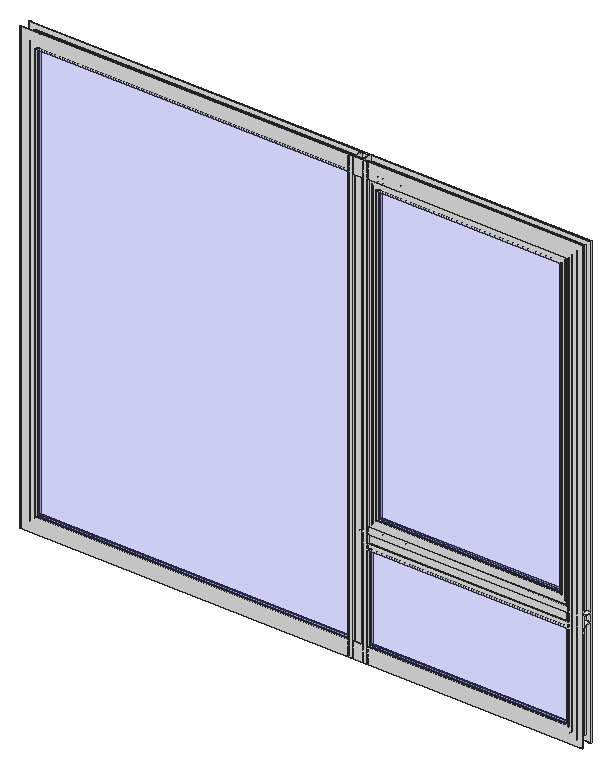
Revit family "WAL_A3-Classic-Side-Hung-1500x1200-PS1512L", category Windows, host Wall, Revit 2016
Family settings
  Host = Wall
  Always vertical = Yes
  Cut with Voids When Loaded = No
  Shared = No
  Room Calculation Point = No
Parameters (values of type "1500 x 1200 PS1512L Classic Side Hung")
  URL = "www.agi.co.za"
  Trim Material = Metal - Aluminium
  Model = "Top Hung"
  Manufacturer Code = "PS1512L"
  Manufacturer = "AGI Aluminium"
  Height = 1200 mm
  Glass Material = Glass
  Frame Material = Metal - Aluminium
  Description = "Classic Side Hung"
  Default Sill Height = 800 mm
  Wall Closure = By host
  Width = 1500 mm
  Assembly Code = "B2020110"
Reference planes
  plane 1 "Center": y = 0
  plane 2 "Center (Left/Right)": x = 0
  plane 3 "Left": x = -750
  plane 4 "Right": x = 750
  plane 5 "Sill": z = 800
  plane 6 "Head": z = 2000
  plane 7 "Exterior": y = 75
  plane 8 "Interior": y = -75
  plane 9: z = 2002
  plane 10: x = 752
  plane 11: x = -752
  plane 12: z = 798
  plane 13: z = 1964
  plane 14: z = 813.9
  plane 15: x = 714
  plane 16: x = -736.1
  plane 17: z = 1100
  plane 18: z = 1122
  plane 19: z = 1084
  plane 20: x = 150
  plane 21: x = 172
  plane 22: x = 134
  plane 23: x = 736.1
  plane 24: z = 1986.1
Forms (mm)
  Sweep 1, solid, material "Metal - Aluminium", detail levels medium+fine
    path origin (0, 0, 0) x (1, 0, 0) y (0, 0, 1)
      loop
        line (750, 2000) -> (-750, 2000) -> (-750, 800) -> (750, 800) -> (750, 2000)
    profile "Frame : Frame" origin (0, 0, 2000) x (0, 0, -1) y (0, -1, 0)
      loop
        line (0, -30) -> (28, -30) -> (28, -29) -> (26, -29) -> (26, -1) -> (28, -1) -> (28, -7) -> (29, -7) -> (29, -1) -> (37, -1) -> (37, -3.645) -> (38, -3.645) -> (38, -1) -> (40, -1) -> (40, -3.645) -> (41, -3.645) -> (41, 0) -> (0, 0) -> (0, -2) -> (1, -2) -> (1, -1) -> (15.005, -1) -> (15.005, -4) -> (16.005, -4) -> (16.005, -1) -> (25, -1) -> (25, -29) -> (16.005, -29) -> (16.005, -26) -> (15.005, -26) -> (15.005, -29) -> (1, -29) -> (1, -28) -> (0, -28) -> (0, -30)
  Sweep 2, solid, material "Metal - Aluminium", detail levels medium+fine
    path origin (0, 0, 0) x (1, 0, 0) y (0, 0, 1)
      loop
        line (150, 2000) -> (150, 800)
    profile "30 x 50 Center Divide : 30 x 50 Center Divide" origin (150, 0, 1400) x (1, 0, 0) y (0, -1, 0)
      loop
        line (-11, -5) -> (-11, -29) -> (11, -29) -> (11, -5) -> (-11, -5)
      loop
        line (-27.011, 0) -> (-27.011, -3.245) -> (-26.011, -3.245) -> (-26.011, -1) -> (-24.011, -1) -> (-24.011, -3.245) -> (-23.011, -3.245) -> (-23.011, -1) -> (-15.011, -1) -> (-15.011, -6.6) -> (-14.011, -6.6) -> (-14.011, -1) -> (-13.142, -1) -> (-12, -5.263) -> (-12, -29) -> (-14, -29) -> (-14, -30) -> (14, -30) -> (14, -29) -> (12, -29) -> (12, -5.263) -> (13.142, -1) -> (14, -1) -> (14, -7) -> (15, -7) -> (15, -1) -> (23, -1) -> (23, -3.645) -> (24, -3.645) -> (24, -1) -> (26, -1) -> (26, -3.645) -> (27, -3.645) -> (27, 0) -> (12.375, 0) -> (11.303, -4) -> (-11.303, -4) -> (-12.375, 0) -> (-27.011, 0)
  Sweep 3, solid, material "Metal - Aluminium", detail levels medium+fine
    path origin (0, 0, 0) x (1, 0, 0) y (0, 0, 1)
      loop
        line (750, 1100) -> (150, 1100)
    profile "30 x 50 Center Divide : 30 x 50 Center Divide" origin (450, 0, 1100) x (0, 0, -1) y (0, -1, 0)
      loop
        line (-11, -5) -> (-11, -29) -> (11, -29) -> (11, -5) -> (-11, -5)
      loop
        line (-27.011, 0) -> (-27.011, -3.245) -> (-26.011, -3.245) -> (-26.011, -1) -> (-24.011, -1) -> (-24.011, -3.245) -> (-23.011, -3.245) -> (-23.011, -1) -> (-15.011, -1) -> (-15.011, -6.6) -> (-14.011, -6.6) -> (-14.011, -1) -> (-13.142, -1) -> (-12, -5.263) -> (-12, -29) -> (-14, -29) -> (-14, -30) -> (14, -30) -> (14, -29) -> (12, -29) -> (12, -5.263) -> (13.142, -1) -> (14, -1) -> (14, -7) -> (15, -7) -> (15, -1) -> (23, -1) -> (23, -3.645) -> (24, -3.645) -> (24, -1) -> (26, -1) -> (26, -3.645) -> (27, -3.645) -> (27, 0) -> (12.375, 0) -> (11.303, -4) -> (-11.303, -4) -> (-12.375, 0) -> (-27.011, 0)
  Extrusion 4, void
    sketch origin (0, 0, 0) x (1, 0, 0) y (0, 1, 0)
      loop
        line (138.697, 4) -> (137.625, 0) -> (162.375, 0) -> (161.303, 4) -> (138.697, 4)
    from 841 to 1959
  Sweep 5, solid, material "Metal - Aluminium", detail levels medium+fine
    path origin (0, 0, 0) x (1, 0, 0) y (0, 0, 1)
      loop
        line (752, 2002) -> (134, 2002) -> (134, 1084) -> (752, 1084) -> (752, 2002)
    profile "Casement : Casement" origin (443, 0, 2002) x (0, 0, -1) y (0, -1, 0)
      loop
        line (40, -4.645) -> (40, -32.645) -> (49, -32.645) -> (49, -4.645) -> (40, -4.645)
      loop
        line (65, -3.645) -> (37, -3.645) -> (37, -4.645) -> (39, -4.645) -> (39, -32.645) -> (37, -32.645) -> (37, -26.645) -> (36, -26.645) -> (36, -32.645) -> (28, -32.645) -> (28, -30) -> (27, -30) -> (27, -32.645) -> (25, -32.645) -> (25, -30) -> (24, -30) -> (24, -33.645) -> (50, -33.645) -> (50, -4.645) -> (52, -4.645) -> (52, -10.645) -> (53, -10.645) -> (53, -4.645) -> (61, -4.645) -> (61, -7.289) -> (62, -7.289) -> (62, -4.645) -> (64, -4.645) -> (64, -7.289) -> (65, -7.289) -> (65, -3.645)
  Sweep 6, solid, material "Metal - Aluminium", detail levels medium+fine
    path origin (0, 0, 0) x (1, 0, 0) y (0, 0, 1)
      loop
        line (150, 1986.1) -> (-736.1, 1986.1) -> (-736.1, 813.9) -> (150, 813.9) -> (150, 1986.1)
    profile "Trim : Trim" origin (-293.05, 0, 1986.1) x (0, 0, -1) y (0, -1, 0)
      loop
        line (24.555, -1.643) -> (24.555, -4.05)
        arc (24.555, -4.05) -> (23.436, -4.753) -> (23, -6) r 2
        line (23, -6) -> (27, -6)
        arc (27, -6) -> (26.552, -4.739) -> (25.41, -4.042) r 2
        line (25.41, -4.042) -> (25.41, -1.643) -> (24.555, -1.643)
      loop
        line (14, -29) -> (29, -14) -> (29, -12.474) -> (26.323, -12.474)
        arc (26.323, -12.474) -> (26.823, -11.797) -> (27, -10.974) r 2
        line (27, -10.974) -> (23, -10.974)
        arc (23, -10.974) -> (23.177, -11.797) -> (23.677, -12.474) r 2
        line (23.677, -12.474) -> (13.467, -12.474) -> (13.467, -4) -> (12.5, -4) -> (12.5, -13.474) -> (20.535, -13.474) -> (24.323, -17.263) -> (12.586, -29) -> (14, -29)
  Sweep 7, solid, material "Metal - Aluminium", detail levels medium+fine
    path origin (0, 0, 0) x (1, 0, 0) y (0, 0, 1)
      loop
        line (736.1, 1100) -> (150, 1100) -> (150, 813.9) -> (736.1, 813.9) -> (736.1, 1100)
    profile "Trim : Trim" origin (443.05, 0, 1100) x (0, 0, -1) y (0, -1, 0)
      loop
        line (24.555, -1.643) -> (24.555, -4.05)
        arc (24.555, -4.05) -> (23.436, -4.753) -> (23, -6) r 2
        line (23, -6) -> (27, -6)
        arc (27, -6) -> (26.552, -4.739) -> (25.41, -4.042) r 2
        line (25.41, -4.042) -> (25.41, -1.643) -> (24.555, -1.643)
      loop
        line (14, -29) -> (29, -14) -> (29, -12.474) -> (26.323, -12.474)
        arc (26.323, -12.474) -> (26.823, -11.797) -> (27, -10.974) r 2
        line (27, -10.974) -> (23, -10.974)
        arc (23, -10.974) -> (23.177, -11.797) -> (23.677, -12.474) r 2
        line (23.677, -12.474) -> (13.467, -12.474) -> (13.467, -4) -> (12.5, -4) -> (12.5, -13.474) -> (20.535, -13.474) -> (24.323, -17.263) -> (12.586, -29) -> (14, -29)
  Sweep 8, solid, material "Metal - Aluminium", detail levels medium+fine
    path origin (0, 0, 0) x (1, 0, 0) y (0, 0, 1)
      loop
        line (714, 1964) -> (172, 1964) -> (172, 1122) -> (714, 1122) -> (714, 1964)
    profile "Trim : Trim" origin (443, 0, 1964) x (0, 0, -1) y (0, -1, 0)
      loop
        line (24.555, -4.643) -> (24.555, -7.05)
        arc (24.555, -7.05) -> (23.436, -7.753) -> (23, -9) r 2
        line (23, -9) -> (27, -9)
        arc (27, -9) -> (26.552, -7.739) -> (25.41, -7.042) r 2
        line (25.41, -7.042) -> (25.41, -4.643) -> (24.555, -4.643)
      loop
        line (14, -32) -> (29, -17) -> (29, -15.474) -> (26.323, -15.474)
        arc (26.323, -15.474) -> (26.823, -14.797) -> (27, -13.974) r 2
        line (27, -13.974) -> (23, -13.974)
        arc (23, -13.974) -> (23.177, -14.797) -> (23.677, -15.474) r 2
        line (23.677, -15.474) -> (13.467, -15.474) -> (13.467, -7) -> (12.5, -7) -> (12.5, -16.474) -> (20.535, -16.474) -> (24.323, -20.263) -> (12.586, -32) -> (14, -32)
  Extrusion 9, solid, material "Glass", detail levels medium+fine
    sketch origin (0, 0, 0) x (1, 0, 0) y (0, 1, 0)
      loop
        line (172.982, 10.974) -> (172.982, 6) -> (713.1, 6) -> (713.1, 10.974) -> (172.982, 10.974)
    from 836.9 to 1077
  Extrusion 10, solid, material "Glass", detail levels medium+fine
    sketch origin (0, 0, 0) x (1, 0, 0) y (0, 1, 0)
      loop
        line (-713.118, 10.974) -> (-713.118, 6) -> (127, 6) -> (127, 10.974) -> (-713.118, 10.974)
    from 836.9 to 1963.1
  Extrusion 11, solid, material "Glass", detail levels medium+fine
    sketch origin (0, 0, 0) x (1, 0, 0) y (0, 1, 0)
      loop
        line (194.982, 13.974) -> (194.982, 9) -> (691, 9) -> (691, 13.974) -> (194.982, 13.974)
    from 1145 to 1941
Cuts and joins
  Extrusion 4 cuts Sweep 3
  joined: Sweep 1, Sweep 2, Sweep 3
Lines and regions (mm)
  Opening 1
    outline origin (3500, -75, 0) x (1, 0, 0) y (0, 0, 1)
      loop
        line (-2750, 800) -> (-2750, 2000) -> (-4250, 2000) -> (-4250, 800) -> (-2750, 800)
  symbolic lines, style "Elevation Swing"
    curve 1: line (728, 0, 1978) -> (159.681, 0, 1544.283)
    curve 2: line (159.681, 0, 1544.283) -> (728, 0, 1108)
Text (mm)
  text "EXTERIOR" at (-1963.203, 1332.353, 0), in view "Ref. Level"
  text "INTERIOR" at (-1981.466, -818.386, 0), in view "Ref. Level"
  text "Exterior" at (0, 923.751, 2943.296), in view "Right"
  text "Exterior" at (0, 1040.484, 2685.409), in view "Left"
Dimensions and locks
  equal spacing: plane 3 "Left", plane 2 "Center (Left/Right)", plane 4 "Right"
  "Width": plane 3 "Left" to plane 4 "Right"
  "Height": plane 5 "Sill" to plane 6 "Head"
  "Default Sill Height": plane 5 "Sill" to level
  locked: plane 7 "Exterior" to host wall at 0
  locked: plane 8 "Interior" to host wall
  locked: plane 12 to plane 5 "Sill" at 2
  locked: plane 6 "Head" to plane 9 at 2
  locked: plane 4 "Right" to plane 10 at 2
  locked: plane 11 to plane 3 "Left" at 2
  locked: plane 15 to plane 4 "Right" at 36
  locked: plane 3 "Left" to plane 16 at 13.9
  plane 5 "Sill" to plane 14 = 13.9 mm
  locked: plane 13 to plane 6 "Head" at 36
  locked: plane 5 "Sill" to plane 17 at 300
  locked: plane 19 to plane 17 at 16
  locked: plane 17 to plane 18 at 22
  locked: plane 20 to plane 4 "Right" at 600
  locked: plane 22 to plane 20 at 16
  locked: plane 20 to plane 21 at 22
  locked: plane 4 "Right" to plane 23 at 13.9
  locked: plane 24 to plane 6 "Head" at 13.9
  aligned and locked: host wall to Sweep 1 sketch curve
  aligned and locked: Sweep 1 sketch curve to host wall  (x3)
  aligned and locked: plane 5 "Sill" to Sweep 2 sketch curve
  aligned and locked: plane 6 "Head" to Sweep 2 sketch curve
  aligned and locked: Sweep 2 sketch curve to plane 20
  aligned and locked: plane 4 "Right" to Sweep 3 sketch curve
  aligned and locked: plane 20 to Sweep 3 sketch curve
  aligned and locked: Sweep 3 sketch curve to plane 17
  aligned and locked: Extrusion 4 sketch curve to cut or joined group of Sweep 1, Sweep 2, Sweep 3, Extrusion 4  (x3)
  aligned and locked: host wall to Extrusion 4 sketch curve
  aligned and locked: Extrusion 4 to cut or joined group of Sweep 1, Sweep 2, Sweep 3, Extrusion 4  (x2)
  aligned and locked: plane 19 to Sweep 5 sketch curve
  aligned and locked: plane 22 to Sweep 5 sketch curve
  aligned and locked: plane 10 to Sweep 5 sketch curve
  aligned and locked: Sweep 5 sketch curve to plane 9
  aligned and locked: plane 14 to Sweep 6 sketch curve
  aligned and locked: plane 20 to Sweep 6 sketch curve
  aligned and locked: Sweep 6 sketch curve to plane 16
  aligned and locked: Sweep 6 sketch curve to plane 24
  aligned and locked: Sweep 7 sketch curve to plane 20
  aligned and locked: plane 14 to Sweep 7 sketch curve
  aligned and locked: Sweep 7 sketch curve to plane 23
  aligned and locked: Sweep 7 sketch curve to plane 17
  aligned and locked: plane 18 to Sweep 8 sketch curve
  aligned and locked: Sweep 8 sketch curve to plane 21
  aligned and locked: plane 15 to Sweep 8 sketch curve
  aligned and locked: Sweep 8 sketch curve to plane 13
  aligned and locked: Sweep 7 to Extrusion 9 sketch curve  (x2)
  aligned and locked: Extrusion 9 sketch curve to Sweep 7  (x2)
  aligned and locked: Extrusion 9 to Sweep 7  (x2)
  aligned and locked: Sweep 6 to Extrusion 10 sketch curve  (x2)
  aligned and locked: Extrusion 10 sketch curve to Sweep 6  (x2)
  aligned and locked: Extrusion 10 to Sweep 7
  aligned and locked: Extrusion 10 to Sweep 6
  aligned and locked: Sweep 8 to Extrusion 11 sketch curve  (x2)
  aligned and locked: Extrusion 11 sketch curve to Sweep 8  (x2)
  aligned and locked: Extrusion 11 to Sweep 8  (x2)
Automatic sketch dimensions
  Opening 1 sketch curve to plane 3 "Left" = 0 mm
  Opening 1 sketch curve to plane 4 "Right" = 0 mm
  Opening 1 sketch curve to plane 5 "Sill" = 0 mm
  Opening 1 sketch curve to plane 6 "Head" = 0 mm
  curve 1 to plane 20 = 9.681 mm
  curve 2 to plane 23 = 8.1 mm
  curve 1 to plane 23 = 8.1 mm
  plane 17 to curve 2 = 8 mm
  curve 2 to plane 13 = 419.717 mm
  curve 1 to plane 24 = 8.1 mm
